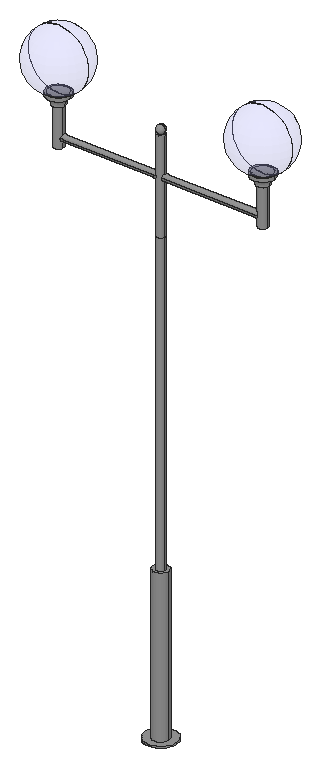
Revit family "6990 Стальной фонарный столб Т-30-2 со светильниками Хоббика", category Антураж, Revit 2018
Family settings
  На основе рабочей плоскости = Нет
  Всегда вертикально = Да
  При загрузке вырезать с полостями = Нет
  Источник визуального образа = Геометрия семейства
  Общий = Нет
  Точка расчета площади = Нет
Parameters (values of type "Версия 3,961 м")
  Ширина = 400 mm  # constant formula
  Цвет плафона = Стекло(1)
  Цвет опоры = Сталь
  Описание = if([Версия 3,461 м], "Стальной фонарный столб Т-30-2 со светильниками. Версия 3,461 м", if([Версия 3,961 м], "Стальной фонарный столб Т-30-2 со светильниками. Версия 3,961 м", if([Версия 4,461 м], "Стальной фонарный столб Т-30-2 со светильниками. Версия 4,461 м", if([Версия 4,961 м], "Стальной фонарный столб Т-30-2 со светильниками. Версия 4,4961 м", if([Версия 5,461 м], "Стальной фонарный столб Т-30-2 со светильниками. Версия 5,461 м", "Стальной фонарный столб Т-30-2 со светильниками. Версия 5,961 м")))))  # "Стальной фонарный столб Т-30-2 со светильниками. Версия 3,961 м"
  Материал изделия = "Сталь, поликарбонат"  # constant formula
  Изображение типоразмера = Стальной фонарный столб Т-30-2 со светильниками Арт 6990.jpg
  Изготовитель = "ООО «Хоббика»"  # constant formula
  Группа модели = "Светильники со стальными опорами"  # constant formula
  Версия 5,961 м = no
  Версия 5,461 м = no
  Версия 4,961 м = no
  Версия 4,461 м = no
  Версия 3,461 м = no
  Длина = 1740 mm  # constant formula
  Высота = if([Версия 3,461 м], 3461 mm, if([Версия 3,961 м], 3961 mm, if([Версия 4,461 м], 4461 mm, if([Версия 4,961 м], 4961 mm, if([Версия 5,461 м], 5461 mm, 5961 mm)))))  # 3961 mm
  Версия 3,961 м = yes
  Артикул товара = "Арт. 6990"  # constant formula
  URL = "https://hobbyka.ru/product/stalnoy_fonarnyy_stolb_t302_so_svetilnikami/"
Types (7, lengths in mm): name | Описание | Версия 5,961 м | Версия 5,461 м | Версия 4,961 м | Версия 4,461 м | Версия 3,461 м | Высота | Версия 3,961 м
  (no name) | "Стальной фонарный столб Т-30-2 со светильниками. Версия 3,961 м" | no | no | no | no | no | 3961 | yes
  Версия 3,461 м | "Стальной фонарный столб Т-30-2 со светильниками. Версия 3,461 м" | no | no | no | no | yes | 3461 | no
  Версия 3,961 м | "Стальной фонарный столб Т-30-2 со светильниками. Версия 3,961 м" | no | no | no | no | no | 3961 | yes
  Версия 4,461 м | "Стальной фонарный столб Т-30-2 со светильниками. Версия 4,461 м" | no | no | no | yes | no | 4461 | no
  Версия 4,961 м | "Стальной фонарный столб Т-30-2 со светильниками. Версия 4,4961 м" | no | no | yes | no | no | 4961 | no
  Версия 5,461 м | "Стальной фонарный столб Т-30-2 со светильниками. Версия 5,461 м" | no | yes | no | no | no | 5461 | no
  Версия 5,961 м | "Стальной фонарный столб Т-30-2 со светильниками. Версия 5,961 м" | yes | no | no | no | no | 5961 | no
Reference planes
  plane 1 "По центру (Вперед/Назад)": y = 0
  plane 2: z = 0
  plane 3 "По центру (Влево/Вправо)": x = 0
  plane 4: z = 2961
  plane 5: z = 1000
  plane 6: z = 3961
  plane 7: x = -870
  plane 8: x = 870
  plane 9: y = 200
  plane 10: y = -200
Forms (mm)
  Extrusion 1, solid, material "Сталь" <- "Цвет опоры"
    sketch origin (0, 0, 0) x (1, 0, 0) y (0, 1, 0)
      loop
        circle (0, 0) r 100
    from 0 to 10
  Extrusion 2, solid, material "Сталь" <- "Цвет опоры"
    sketch origin (0, 0, 0) x (1, 0, 0) y (0, 1, 0)
      loop
        circle (0, 0) r 50
    from 10 to 1000
  Extrusion 3, solid, material "Сталь" <- "Цвет опоры"
    sketch origin (0, 0, 0) x (1, 0, 0) y (0, 1, 0)
      loop
        circle (0, 0) r 25
    from 1000 to 2961
Dimensions and locks
  locked: plane 6 to plane 4 at 1000
  locked: plane 5 to level at 1000
  "Высота": plane 6 to plane 2
  equal spacing: plane 7, plane 3 "По центру (Влево/Вправо)", plane 8
  "Длина": plane 7 to plane 8
  equal spacing: plane 9, plane 1 "По центру (Вперед/Назад)", plane 10
  "Ширина": plane 9 to plane 10
  aligned and locked: level to plane 2
  aligned and locked: plane 4 to Extrusion 3
  aligned and locked: Extrusion 3 to plane 5
  aligned and locked: plane 5 to Extrusion 2
  aligned and locked: nested 1 to plane 4
Automatic sketch dimensions
  plane 1 "По центру (Вперед/Назад)" to Extrusion 1 sketch curve = 0 mm
  Extrusion 1 sketch curve to plane 3 "По центру (Влево/Вправо)" = 0 mm
  plane 1 "По центру (Вперед/Назад)" to Extrusion 2 sketch curve = 0 mm
  Extrusion 2 sketch curve to plane 3 "По центру (Влево/Вправо)" = 0 mm
  plane 1 "По центру (Вперед/Назад)" to Extrusion 3 sketch curve = 0 mm
  Extrusion 3 sketch curve to plane 3 "По центру (Влево/Вправо)" = 0 mm
  radius of Extrusion 1 sketch curve = 100 mm
  radius of Extrusion 2 sketch curve = 50 mm
  radius of Extrusion 3 sketch curve = 25 mm
Nested families
  nested 1: "Стальной фонарный столб Т-30-2 со светильниками Верх" at (0, 0, 2961), type "Стальной фонарный столб Т-30-2 со светильниками Верх"
Definition of nested family "Стальной фонарный столб Т-30-2 со светильниками Верх"
  Parameters (values of type "Стальной фонарный столб Т-30-2 со светильниками Верх")
    Цвет столба = none
    Цвет плафона = none
    Длина = 1740 mm
    Height = 0 mm
  Reference planes
    plane 1 "По центру (Вперед/Назад)": y = 0
    plane 2: z = 0
    plane 3 "По центру (Влево/Вправо)": x = 0
    plane 4: x = -870
    plane 5: x = 870
    plane 6: z = 1000
  Forms (mm)
    Revolve 1, solid, material <- "Цвет столба"
      sketch origin (1, 0, -9.892) x (1, 0, 0) y (0, 0, 1)
        loop
          arc (-610.286, 620) -> (-640.499, 612.826) -> (-671.458, 610.415) r 200
          line (-671.458, 610.415) -> (-671.458, 300) -> (-641.458, 300) -> (-641.458, 550.258) -> (-630.01, 550.258)
          arc (-630.01, 550.258) -> (-622.903, 581.65) -> (-596.458, 600) r 44.416
          line (-596.458, 600) -> (-596.458, 620) -> (-610.286, 620)
        axis (-671.458, 620) -> (-671.458, 300)
      angle from 0 to 360
    Revolve 2, solid, material <- "Цвет столба"
      sketch origin (-1, 0, -9.892) x (-1, 0, 0) y (0, 0, 1)
        loop
          arc (-610.286, 620) -> (-640.499, 612.826) -> (-671.458, 610.415) r 200
          line (-671.458, 610.415) -> (-671.458, 300) -> (-641.458, 300) -> (-641.458, 550.258) -> (-630.01, 550.258)
          arc (-630.01, 550.258) -> (-622.903, 581.65) -> (-596.458, 600) r 44.416
          line (-596.458, 600) -> (-596.458, 620) -> (-610.286, 620)
        axis (-671.458, 620) -> (-671.458, 300)
      angle from 0 to 360
    Revolve 3, solid, material <- "Цвет столба"
      sketch origin (0, 0, 0) x (1, 0, 0) y (0, 0, 1)
        loop
          line (0, 650) -> (0, 600)
          arc (0, 600) -> (25, 625) -> (0, 650) r 25
        axis (0, 650) -> (0, 600)
      angle from 0 to 360
    Extrusion 4, solid, material <- "Цвет столба"
      sketch origin (0, 0, 0) x (1, 0, 0) y (0, 1, 0)
        loop
          circle (0, 0) r 25
      from 0 to 600
    Extrusion 5, solid, material <- "Цвет столба"
      sketch origin (0, 0, -104.725) x (0, 1, 0) y (0, 0, 1)
        loop
          circle (0, 454.725) r 20
      from -670 to 670
  Cuts and joins
    joined: Revolve 1, Revolve 2, Extrusion 4, Extrusion 5
  Lines and regions (mm)
    symbolic lines
      curve 1: line (-671.458, 0, 290.108) -> (-671.458, 0, 115.108)
  Dimensions and locks
    "Длина": plane 4 to plane 5
    equal spacing: plane 4, plane 3 "По центру (Влево/Вправо)", plane 5
    locked: plane 6 to level at 1000
    aligned and locked: level to plane 2
  Automatic sketch dimensions
    level to curve 1 = 115.108 mm
    plane 4 to curve 1 = 198.542 mm
    curve 1 to curve 1 = 175 mm
    plane 4 to Revolve 1 sketch curve = 199.542 mm
    Revolve 1 sketch curve to Revolve 1 sketch curve = 30 mm
    Revolve 1 sketch curve to Revolve 1 sketch curve = 11.448 mm
    Revolve 1 sketch curve to Revolve 1 sketch curve = 61.172 mm
    Revolve 1 sketch curve to Revolve 1 sketch curve = 13.828 mm
    Revolve 1 sketch curve to Revolve 1 sketch curve = 10.378 mm
    level to Revolve 1 sketch curve = 290.108 mm
    Revolve 1 sketch curve to Revolve 1 sketch curve = 250.258 mm
    Revolve 1 sketch curve to Revolve 1 sketch curve = 6.555 mm
    Revolve 1 sketch curve to Revolve 1 sketch curve = 60.158 mm
    Revolve 1 sketch curve to Revolve 1 sketch curve = 20 mm
    Revolve 1 sketch curve to Revolve 1 sketch curve = 0 mm  (x2)
    Revolve 1 sketch curve to Revolve 1 sketch curve = 3 mm
    plane 5 to Revolve 2 sketch curve = 199.542 mm
    Revolve 2 sketch curve to Revolve 2 sketch curve = 30 mm
    Revolve 2 sketch curve to Revolve 2 sketch curve = 11.448 mm
    Revolve 2 sketch curve to Revolve 2 sketch curve = 61.172 mm
    Revolve 2 sketch curve to Revolve 2 sketch curve = 13.828 mm
    Revolve 2 sketch curve to Revolve 2 sketch curve = 10.378 mm
    Revolve 2 sketch curve to level = 290.108 mm
    Revolve 2 sketch curve to Revolve 2 sketch curve = 250.258 mm
    Revolve 2 sketch curve to Revolve 2 sketch curve = 6.555 mm
    Revolve 2 sketch curve to Revolve 2 sketch curve = 60.158 mm
    Revolve 2 sketch curve to Revolve 2 sketch curve = 20 mm
    Revolve 2 sketch curve to Revolve 2 sketch curve = 0 mm  (x2)
    Revolve 2 sketch curve to Revolve 2 sketch curve = 3 mm
    Revolve 3 sketch curve to plane 3 "По центру (Влево/Вправо)" = 0 mm  (x2)
    level to Revolve 3 sketch curve = 600 mm
    Revolve 3 sketch curve to Revolve 3 sketch curve = 25 mm
    Revolve 3 sketch curve to Revolve 3 sketch curve = 8.095 mm
    Revolve 3 sketch curve to Revolve 3 sketch curve = 16.905 mm
    plane 1 "По центру (Вперед/Назад)" to Extrusion 4 sketch curve = 0 mm
    Extrusion 4 sketch curve to plane 3 "По центру (Влево/Вправо)" = 0 mm
    Extrusion 5 sketch curve to plane 1 "По центру (Вперед/Назад)" = 0 mm
    level to Extrusion 5 sketch curve = 350 mm
    radius of Extrusion 4 sketch curve = 25 mm
    radius of Extrusion 5 sketch curve = 20 mm
  Nested families
    nested 1: "Стальной фонарный столб Т-13-2 со светильниками Плафон" at (-670, 0, 600), type "Стальной фонарный столб Т-13-2 со светильниками Плафон"
    nested 2: "Стальной фонарный столб Т-13-2 со светильниками Плафон" at (670, 0, 600), type "Стальной фонарный столб Т-13-2 со светильниками Плафон"
  Definition of nested family "Стальной фонарный столб Т-13-2 со светильниками Плафон"
    Parameters (values of type "Стальной фонарный столб Т-13-2 со светильниками Плафон")
      Цвет плафона = none
      Height = 0 mm
    Reference planes
      plane 1 "По центру (Вперед/Назад)": y = 0
      plane 2: z = 0
      plane 3 "По центру (Влево/Вправо)": x = 0
      plane 4: x = 200
      plane 5: x = -200
      plane 6: y = 200
      plane 7: y = -200
      plane 8: z = 400
    Forms (mm)
      Revolve 1, solid, material <- "Цвет плафона"
        sketch origin (0, 0, 0) x (1, 0, 0) y (0, 0, 1)
          loop
            arc (0, 0) -> (200, 200) -> (0, 400) r 200
            line (0, 400) -> (0, 0)
          axis (0, 0) -> (0, 400)
        angle from 0 to 360
    Dimensions and locks
      aligned and locked: level to plane 2
